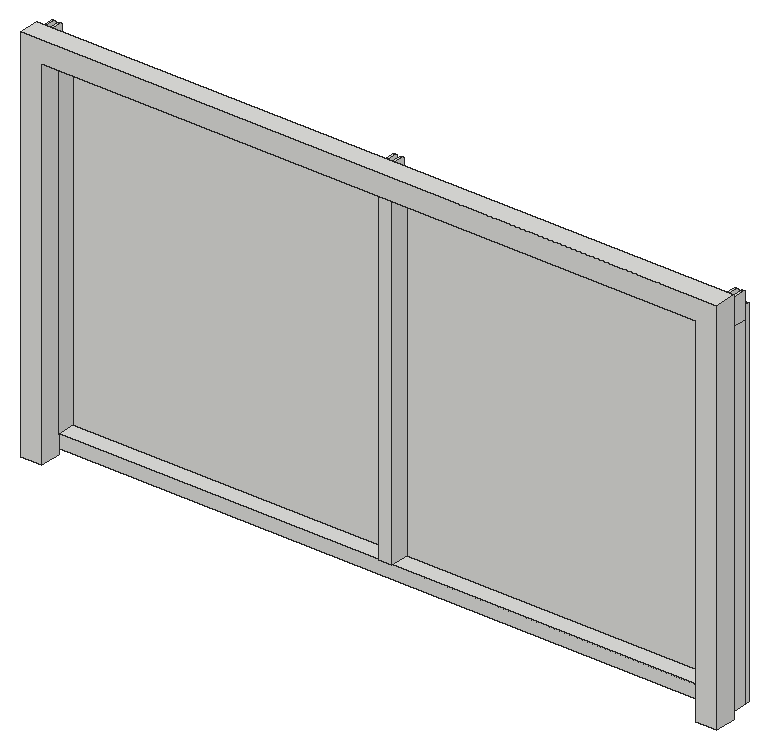
Revit family "Door-Hydraulic-PowerLift-Hidden_Cylinder-Micro", category Doors, host Wall, Revit 2026
Family settings
  Host = Wall
  Classification Number = 23.30.10.00
  Always vertical = Yes
  Cut with Voids When Loaded = No
  Shared = No
  Room Calculation Point = No
Parameters (values of type "11' x 6'")
  Vertical Rail Spacing [instance] = 3' - 6"
  URL = "https://powerliftdoors.com/"
  Type Comments = ""
  Rough Width = Width  # 11' - 0"
  Rough Opening Width [instance] = if(Outside Mount, Width - (0' 4" * 2), Width)  # 10' - 4"
  Rough Opening Height [instance] = if(Outside Mount, Height - 0' 4", Height)  # 5' - 8"
  Rough Height = Height  # 6' - 0"
  Outside Mount [instance] = not(Inside Mount)  # yes
  Model = "Hidden Cylinder - Micro"
  Metal Sheeting Thickness [instance] = 0' - 0 1/2"
  Metal Sheeting Material [instance] = Steel - PowerLift
  Manufacturer Website = ""
  Manufacturer Phone - Toll Free = "855-368-9595"
  Manufacturer Phone = "507-368-9500"
  Manufacturer Fax = "507-368-1358"
  Manufacturer Email = "https://powerliftdoors.com/contact/"
  Manufacturer Address = "1482 200th Ave., P.O. Box 311, Lake Benton, MN 56149"
  Manufacturer = "PowerLift Hydraulic Doors"
  Inside Mount [instance] = no
  Function = Exterior
  Height = 6' - 0"
  Wall Closure = By host
  Width = 11' - 0"
  Frame Offset [instance] = if(Inside Mount, 0' 11" + Metal Sheeting Thickness, 0' 0")  # 0' - 0"
  Frame Material [instance] = Steel - PowerLift
  Door Open [instance] = no
  Door Closed [instance] = not(Door Open)  # yes
  Description = "Hydraulic Door - Hidden Cylinder - Micro"
  Cylinder_VoidOffset [instance] = if(Door Open, 0' 0", 0' 3")  # 0' - 3"
Types (12): name | Rough Width | Rough Opening Width | Rough Opening Height | Rough Height | Height | Width
  11' x 4' | 11' - 0" | 10' - 4" | 3' - 8" | 4' - 0" | 4' - 0" | 11' - 0"
  11' x 5' | 11' - 0" | 10' - 4" | 4' - 8" | 5' - 0" | 5' - 0" | 11' - 0"
  11' x 6' | 11' - 0" | 10' - 4" | 5' - 8" | 6' - 0" | 6' - 0" | 11' - 0"
  12' x 4' | 12' - 0" | 11' - 4" | 3' - 8" | 4' - 0" | 4' - 0" | 12' - 0"
  12' x 5' | 12' - 0" | 11' - 4" | 4' - 8" | 5' - 0" | 5' - 0" | 12' - 0"
  12' x 6' | 12' - 0" | 11' - 4" | 5' - 8" | 6' - 0" | 6' - 0" | 12' - 0"
  13' x 4' | 13' - 0" | 12' - 4" | 3' - 8" | 4' - 0" | 4' - 0" | 13' - 0"
  13' x 5' | 13' - 0" | 12' - 4" | 4' - 8" | 5' - 0" | 5' - 0" | 13' - 0"
  14' x 4' | 14' - 0" | 13' - 4" | 3' - 8" | 4' - 0" | 4' - 0" | 14' - 0"
  14' x 5' | 14' - 0" | 13' - 4" | 4' - 8" | 5' - 0" | 5' - 0" | 14' - 0"
  15' x 4' | 15' - 0" | 14' - 4" | 3' - 8" | 4' - 0" | 4' - 0" | 15' - 0"
  16' x 4' | 16' - 0" | 15' - 4" | 3' - 8" | 4' - 0" | 4' - 0" | 16' - 0"
Reference planes (in)
  plane 1 "Center (Front/Back)": y = 0
  plane 2 "Center (Left/Right)": x = 0
  plane 3 "Left": x = -66
  plane 4 "Right": x = 66
  plane 5 "Top": z = 72
  plane 6 "Exterior": y = 12
  plane 7 "Interior": y = -12
  plane 8 "Door Frame Host": y = 12
  plane 9 "Door Panel Host": y = 16
  plane 10 "Open Door Projection": y = 88
  plane 11 "LeftCylinder": x = 63.75
  plane 12 "RightCylinder": x = -63.75
  plane 13: y = 19
  plane 14: y = 16.25
  plane 15: y = 14.5
Forms (in)
  Extrusion 1, solid, material "Steel - PowerLift" <- "Frame Material"
    sketch origin (0, 12, 0) x (0, 0, 1) y (1, 0, 0)
      loop
        line (72, 66) -> (0, 66) -> (0, 62) -> (68, 62) -> (68, -62) -> (0, -62) -> (0, -66) -> (72, -66) -> (72, 66)
    from 0 to 4
  Sweep 2, void
    path origin (0, 0, 0) x (1, 0, 0) y (0, 1, 0)
      loop
        line (0, 19) -> (0, 14.5)
    profile origin (0, 16.75, 0) x (1, 0, 0) y (0, 0, 1)
      loop
        arc (64.875, 62) -> (63.75, 63.125) -> (62.625, 62) r 1.125
        line (62.625, 62) -> (62.625, 38)
        arc (62.625, 38) -> (63.75, 36.875) -> (64.875, 38) r 1.125
        line (64.875, 38) -> (64.875, 62)
      loop
        arc (-62.625, 62) -> (-63.75, 63.125) -> (-64.875, 62) r 1.125
        line (-64.875, 62) -> (-64.875, 38)
        arc (-64.875, 38) -> (-63.75, 36.875) -> (-62.625, 38) r 1.125
        line (-62.625, 38) -> (-62.625, 62)
Cuts and joins
  Sweep 2 cuts Extrusion 1
Lines and regions (in)
  Opening 1
    outline origin (-90, -12, 0) x (1, 0, 0) y (0, 0, 1)
      loop
        line (28, 0) -> (152, 0) -> (152, 68) -> (28, 68) -> (28, 0)
  symbolic lines, style "Elevation Swing"
    curve 1: line (-66, 12, 0) -> (0, 12, 72)
    curve 2: line (0, 12, 72) -> (66, 12, 0)
    curve 3: line (-66, 12, 0) -> (-66, 88, 0)
    curve 4: line (-66, 88, 0) -> (66, 88, 0)
    curve 5: line (66, 88, 0) -> (66, 12, 0)
  reference lines
    curve 6: line (63.75, 48.84091, 68) -> (63.75, 14.5, 59.31609)
    curve 7: line (-63.75, 48.84091, 68) -> (-63.75, 14.5, 59.31609)
Text (in)
  text "Exterior" at (-74.96733, 27.31104, 0), in view "Ref. Level"
  text "Interior" at (-74.96733, -25.14366, 0), in view "Ref. Level"
  text "Exterior" at (0, 40.15149, 123.01588), in view "Right"
  text "Interior" at (0, -64.39139, 123.01588), in view "Right"
  text "Interior" at (0, -31.01599, 223.00693), in view "Left"
  text "Exterior" at (0, 54.57065, 223.00693), in view "Left"
Dimensions and locks (in)
  equal spacing: plane 3 "Left", plane 2 "Center (Left/Right)", plane 4 "Right"
  "Width": plane 3 "Left" to plane 4 "Right"
  "Frame Offset": plane 8 "Door Frame Host" to plane 6 "Exterior"
  "Height": level to plane 5 "Top"
  plane 9 "Door Panel Host" to plane 8 "Door Frame Host" = 0' - 4"
  "Height": plane 10 "Open Door Projection" to plane 9 "Door Panel Host"
  equal spacing: Opening 1 sketch curve, plane 2 "Center (Left/Right)", Opening 1 sketch curve
  "Rough Opening Width": Opening 1 sketch curve to Opening 1 sketch curve
  "Rough Opening Height": Opening 1 sketch curve to level
  locked: Extrusion 1 sketch curve to plane 4 "Right" at 4
  locked: plane 3 "Left" to Extrusion 1 sketch curve at 4
  locked: Extrusion 1 sketch curve to plane 5 "Top" at 4
  locked: plane 13 to plane 14 at 2.75
  "Cylinder_VoidOffset": plane 13 to plane 9 "Door Panel Host"
  Sweep 2 sketch curve to Sweep 2 sketch curve to plane 5 "Top" = 2' - 0" locked, 0' - 10" locked  (x2)
  plane 9 "Door Panel Host" to plane 15 = 0' - 1 1/2"
  locked: curve 7 to plane 5 "Top" at 4
  locked: curve 7 to plane 9 "Door Panel Host" at 32.84091
  locked: curve 7 to plane 5 "Top" at 12.68391
  locked: plane 9 "Door Panel Host" to curve 7 at 1.5
  locked: curve 6 to plane 5 "Top" at 4
  locked: curve 6 to plane 9 "Door Panel Host" at 32.84091
  locked: plane 9 "Door Panel Host" to curve 6 at 1.5
  locked: curve 6 to plane 5 "Top" at 12.68391
  locked: plane 11 "LeftCylinder" to plane 4 "Right" at 2.25
  locked: plane 3 "Left" to plane 12 "RightCylinder" at 2.25
  locked: plane 10 "Open Door Projection" to nested 2 at 0.5
  aligned and locked: plane 6 "Exterior" to host wall
  aligned and locked: host wall to plane 7 "Interior"
  aligned and locked: plane 2 "Center (Left/Right)" to nested 1
  aligned and locked: nested 1 to plane 9 "Door Panel Host"
  aligned and locked: plane 2 "Center (Left/Right)" to nested 2
  aligned and locked: level to curve 2
  aligned and locked: plane 4 "Right" to curve 2
  aligned and locked: plane 3 "Left" to curve 1
  aligned and locked: level to curve 1
  aligned and locked: plane 5 "Top" to curve 2
  aligned and locked: plane 2 "Center (Left/Right)" to curve 2
  aligned and locked: curve 3 to plane 3 "Left"
  aligned and locked: curve 5 to plane 4 "Right"
  aligned and locked: Opening 1 sketch curve to level
  aligned and locked: plane 3 "Left" to Extrusion 1 sketch curve
  aligned and locked: Extrusion 1 sketch curve to plane 4 "Right"
  aligned and locked: Extrusion 1 sketch curve to plane 5 "Top"
  aligned and locked: plane 8 "Door Frame Host" to Extrusion 1
  aligned and locked: plane 9 "Door Panel Host" to Extrusion 1
  aligned and locked: nested 2 to plane 5 "Top"
  aligned and locked: Sweep 2 sketch curve to plane 2 "Center (Left/Right)"
  aligned and locked: plane 13 to Sweep 2 sketch curve
  aligned and locked: plane 11 "LeftCylinder" to Sweep 2 sketch curve  (x2)
  aligned and locked: plane 12 "RightCylinder" to Sweep 2 sketch curve  (x2)
  aligned and locked: plane 11 "LeftCylinder" to nested 3
  aligned and locked: nested 4 to curve 7  (x2)
  aligned and locked: curve 7 to plane 12 "RightCylinder"
  aligned and locked: plane 12 "RightCylinder" to nested 4
  aligned and locked: nested 3 to curve 6  (x2)
  aligned and locked: curve 4 to plane 10 "Open Door Projection"
  aligned and locked: plane 15 to Sweep 2 sketch curve
Automatic sketch dimensions
  curve 5 to host wall = 0' - 0"
  curve 3 to host wall = 0' - 0"
  Extrusion 1 sketch curve to level = 0' - 0"  (x2)
  Sweep 2 sketch curve to Sweep 2 sketch curve = 0' - 1 1/8"  (x2)
Nested families (in)
  nested 1: "Door-PowerLift-Hidden_Cylinder-Micro-Front" at (0, 16, 0), visible <- "Door Closed", type "Door-PowerLift-Hidden_Cylinder-Micro-Front"
    with Width 11' - 0"
  nested 2: "Door-PowerLift-Hidden_Cylinder-Micro-Front" at (0, 88.5, 68) x (1, 0, 0) z (0, -1, 0), visible <- "Door Open", type "Door-PowerLift-Hidden_Cylinder-Micro-Front"
    with Width 11' - 0"
  nested 3: "Door-PowerLift-Cylinder" at (63.75, 14.5, 59.31609) x (-1, 0, 0) z (0, 0.9695, 0.2452), visible <- "Door Open", type "Door-PowerLift-Cylinder"
    with Axis to Axis Distance 2' - 11 27/64"
  nested 4: "Door-PowerLift-Cylinder" at (-63.75, 14.5, 59.31609) x (-1, 0, 0) z (0, 0.9695, 0.2452), visible <- "Door Open", type "Door-PowerLift-Cylinder"
    with Axis to Axis Distance 2' - 11 27/64"
Definition of nested family "Door-PowerLift-Hidden_Cylinder-Micro-Front"
  Parameters (values of type "Door-PowerLift-Hidden_Cylinder-Micro-Front")
    Width = 12' - 0"
    Metal Sheeting Thickness = 0' - 0 1/2"
    Metal Sheeting Material = none
    Frame Material = none
    Height = 6' - 0"
    Default Elevation = 0' - 0"
  Reference planes (in)
    plane 1 "Center (Front/Back)": y = 0
    plane 2: z = 0
    plane 3 "Center (Left/Right)": x = 0
    plane 4 "Left": x = -72
    plane 5 "Right": x = 72
    plane 6 "Top": z = 72
    plane 7: y = 3.5
    plane 8: y = 4
    plane 9: z = 68.75
    plane 10: z = 66.25
  Forms (in)
    Extrusion 1, solid, material <- "Frame Material"
      sketch origin (0, 0, 0) x (1, 0, 0) y (0, 0, 1)
        loop
          line (-71.125, 68.75) -> (-71.125, 66.25) -> (-71.5, 66.25) -> (-71.5, 1) -> (71.5, 1) -> (71.5, 66.25) -> (71.125, 66.25) -> (71.125, 68.75) -> (-71.125, 68.75)
        loop
          line (68, 66.25) -> (-68, 66.25) -> (-68, 3.5) -> (68, 3.5) -> (68, 66.25)
      from -3.5 to 0
    Extrusion 2, solid, material <- "Metal Sheeting Material"
      sketch origin (0, 0, 0) x (1, 0, 0) y (0, 1, 0)
        loop
          line (-71.5, 4) -> (-71.5, 3.5) -> (71.5, 3.5) -> (71.5, 4) -> (-71.5, 4)
      from 1 to 68.75
    Extrusion 3, solid, material <- "Frame Material", detail levels medium+fine
      sketch origin (72, 0, 0) x (0, -1, 0) y (0, 0, -1)
        loop
          line (-3.25, -66.25) -> (-3.25, -70.75)
          arc (-3.25, -70.75) -> (-3.10355, -71.10355) -> (-2.75, -71.25) r 0.5
          line (-2.75, -71.25) -> (-0.75, -71.25)
          arc (-0.75, -71.25) -> (-0.39645, -71.10355) -> (-0.25, -70.75) r 0.5
          line (-0.25, -70.75) -> (-0.25, -66.25) -> (-3.25, -66.25)
      from -0.5 to -4.25
    Extrusion 4, void
      sketch origin (0, 0, 0) x (1, 0, 0) y (0, 0, 1)
        loop
          line (69.875, 69.125) -> (69.875, 71.4375) -> (67.75, 71.4375) -> (67.75, 69.125) -> (69.875, 69.125)
        loop
          line (70.25, 71.4375) -> (70.25, 68.75) -> (67.75, 68.75) -> (67.75, 66) -> (71.125, 66) -> (71.125, 71.4375) -> (70.25, 71.4375)
      from 0 to -5
    Extrusion 5, solid, material <- "Frame Material", detail levels medium+fine
      sketch origin (-108, 0, 0) x (0, -1, 0) y (0, 0, 1)
        loop
          line (-3.25, 66.25) -> (-0.25, 66.25) -> (-0.25, 70.75)
          arc (-0.25, 70.75) -> (-0.39645, 71.10355) -> (-0.75, 71.25) r 0.5
          line (-0.75, 71.25) -> (-2.75, 71.25)
          arc (-2.75, 71.25) -> (-3.10355, 71.10355) -> (-3.25, 70.75) r 0.5
          line (-3.25, 70.75) -> (-3.25, 66.25)
      from -36.5 to -40.25
    Extrusion 6, void
      sketch origin (0, 0, 0) x (-1, 0, 0) y (0, 0, -1)
        loop
          line (69.875, -69.125) -> (67.75, -69.125) -> (67.75, -71.5) -> (69.875, -71.5) -> (69.875, -69.125)
        loop
          line (70.25, -71.5) -> (71.125, -71.5) -> (71.125, -66) -> (67.75, -66) -> (67.75, -68.75) -> (70.25, -68.75) -> (70.25, -71.5)
      from 0 to -5
  Cuts and joins
    Extrusion 4, Extrusion 6 cuts Extrusion 3
    Extrusion 6 cuts Extrusion 5
  Dimensions and locks (in)
    equal spacing: plane 4 "Left", plane 3 "Center (Left/Right)", plane 5 "Right"
    "Width": plane 4 "Left" to plane 5 "Right"
    "Height": plane 2 to plane 6 "Top"
    plane 5 "Right" to Extrusion 1 sketch curve to Extrusion 1 sketch curve = 0' - 0 1/2" locked, 0' - 3 1/2" locked
    plane 4 "Left" to Extrusion 1 sketch curve to Extrusion 1 sketch curve = 0' - 0 1/2" locked, 0' - 3 1/2" locked
    Extrusion 1 sketch curve to Extrusion 1 sketch curve to Extrusion 1 sketch curve to plane 6 "Top" = 0' - 0" locked, 0' - 2 1/2" locked, 0' - 3 1/4" locked
    plane 1 "Center (Front/Back)" to plane 7 = 0' - 3 1/2"
    "Metal Sheeting Thickness": plane 8 to plane 7
    locked: Extrusion 2 to plane 2 at 1
    locked: plane 6 "Top" to Extrusion 2 at 3.25
    locked: Extrusion 2 sketch curve to plane 5 "Right" at 0.5
    locked: plane 4 "Left" to Extrusion 2 sketch curve at 0.5
    plane 5 "Right" to Extrusion 3 to Extrusion 3 = 0' - 0 1/2", 0' - 3 3/4"
    locked: plane 4 "Left" to Extrusion 1 sketch curve at 0.875
    locked: plane 5 "Right" to Extrusion 1 sketch curve at 0.875
    locked: plane 6 "Top" to Extrusion 1 sketch curve at 5.75
    plane 5 "Right" to Extrusion 4 sketch curve to Extrusion 4 sketch curve to Extrusion 4 sketch curve to Extrusion 4 sketch curve to Extrusion 4 sketch curve = 0' - 0 7/8" locked, 0' - 0 7/8" locked, 0' - 0 3/8" locked, 0' - 2 1/8" locked, 0' - 0" locked
    plane 6 "Top" to Extrusion 4 sketch curve to Extrusion 4 sketch curve to Extrusion 4 sketch curve to Extrusion 4 sketch curve to Extrusion 4 sketch curve = 0' - 0 9/16" locked, 0' - 0" locked, 0' - 2 5/16" locked, 0' - 0 3/8" locked, 0' - 2 3/4" locked
    plane 5 "Right" to cut or joined group of Extrusion 3, Extrusion 4, Extrusion 6 to cut or joined group of Extrusion 3, Extrusion 4, Extrusion 6 = 0' - 0 1/2" locked, 0' - 3 3/4" locked
    plane 4 "Left" to Extrusion 6 sketch curve to Extrusion 6 sketch curve to Extrusion 6 sketch curve to Extrusion 6 sketch curve to Extrusion 6 sketch curve = 0' - 0 7/8" locked, 0' - 0 7/8" locked, 0' - 0 3/8" locked, 0' - 2 1/8" locked, 0' - 0" locked
    plane 6 "Top" to Extrusion 6 sketch curve to Extrusion 6 sketch curve to Extrusion 6 sketch curve to Extrusion 6 sketch curve to Extrusion 6 sketch curve = 0' - 0 1/2", 0' - 0" locked, 0' - 2 3/8" locked, 0' - 0 3/8" locked, 0' - 2 3/4" locked
    plane 4 "Left" to cut or joined group of Extrusion 5, Extrusion 6 to cut or joined group of Extrusion 5, Extrusion 6 = 0' - 0 1/2" locked, 0' - 3 3/4" locked
    plane 6 "Top" to Extrusion 3 sketch curve to Extrusion 3 sketch curve = 0' - 0 3/4" locked, 0' - 5"
    Extrusion 1 sketch curve to Extrusion 1 sketch curve to plane 2 = 0' - 2 1/2" locked, 0' - 1" locked
    plane 6 "Top" to Extrusion 5 sketch curve to Extrusion 5 sketch curve = 0' - 0 3/4" locked, 0' - 5" locked
    Extrusion 1 to level = 0' - 3 1/2"
    aligned and locked: plane 2 to level
    aligned and locked: Extrusion 2 sketch curve to plane 8
    aligned and locked: plane 7 to Extrusion 2 sketch curve
    aligned and locked: plane 3 "Center (Left/Right)" to nested 1
    aligned and locked: nested 1 to plane 7
    aligned and locked: plane 7 to Extrusion 1
  Automatic sketch dimensions
    plane 7 to Extrusion 3 sketch curve = 0' - 0 1/4"
    Extrusion 5 sketch curve to plane 7 = 0' - 0 1/4"
    Extrusion 5 sketch curve to plane 1 "Center (Front/Back)" = 0' - 0 1/4"
    plane 7 to Extrusion 3 sketch curve = 0' - 0 3/4"
    Extrusion 3 sketch curve to Extrusion 3 sketch curve = 0' - 0 1/2"
    plane 1 "Center (Front/Back)" to Extrusion 3 sketch curve = 0' - 0 1/4"
    Extrusion 5 sketch curve to Extrusion 5 sketch curve = 0' - 0 1/2"  (x2)
  Nested families (in)
    nested 1: "Door-PowerLift-Vertical_Rail" at (0, 3.5, 0), type "Vertical Rail"
  Definition of nested family "Door-PowerLift-Vertical_Rail"
    Parameters (values of type "Vertical Rail")
      Height = 6' - 0"
      Frame Material = none
      Default Elevation = 0' - 0"
    Reference planes (in)
      plane 1 "Center (Front/Back)": y = 0
      plane 2: z = 0
      plane 3 "Center (Left/Right)": x = 0
      plane 4: z = 72
    Forms (in)
      Extrusion 1, solid, material <- "Frame Material"
        sketch origin (0, 0, 0) x (1, 0, 0) y (0, 1, 0)
          loop
            line (-1.25, 0) -> (-1.25, -3.5) -> (1.25, -3.5) -> (1.25, 0) -> (-1.25, 0)
        from 3.5 to 66.25
      Extrusion 2, solid, material <- "Frame Material", detail levels medium+fine
        sketch origin (0, 0, 0) x (0, 1, 0) y (0, 0, 1)
          loop
            line (-0.25, 68.75) -> (-0.25, 70.75)
            arc (-0.25, 70.75) -> (-0.39645, 71.10355) -> (-0.75, 71.25) r 0.5
            line (-0.75, 71.25) -> (-2.875, 71.25)
            arc (-2.875, 71.25) -> (-3.22855, 71.10355) -> (-3.375, 70.75) r 0.5
            line (-3.375, 70.75) -> (-3.375, 68.75) -> (-0.25, 68.75)
        from -2.9375 to 2.9375
      Extrusion 3, void
        sketch origin (0, 0, 0) x (1, 0, 0) y (0, 0, 1)
          loop
            line (-2.9375, 69.125) -> (-0.8125, 69.125) -> (-0.8125, 71.25) -> (-2.9375, 71.25) -> (-2.9375, 69.125)
          loop
            line (-0.4375, 68.75) -> (0.4375, 68.75) -> (0.4375, 71.25) -> (-0.4375, 71.25) -> (-0.4375, 68.75)
          loop
            line (0.8125, 71.25) -> (0.8125, 69.125) -> (2.9375, 69.125) -> (2.9375, 71.25) -> (0.8125, 71.25)
        from 0 to 5
    Cuts and joins
      Extrusion 3 cuts Extrusion 2
    Dimensions and locks (in)
      "Height": plane 4 to plane 2
      plane 4 to Extrusion 3 sketch curve to Extrusion 3 sketch curve = 0' - 0 3/4" locked, 0' - 2 1/8" locked
      plane 4 to Extrusion 3 sketch curve to Extrusion 3 sketch curve to Extrusion 3 sketch curve = 0' - 0 3/4" locked, 0' - 2 1/8" locked, 0' - 0 3/8" locked
      locked: Extrusion 1 to plane 2 at 3.5
      locked: plane 4 to Extrusion 1 at 5.75
      plane 4 to Extrusion 2 sketch curve to Extrusion 2 sketch curve = 0' - 0 3/4" locked, 0' - 2 1/2" locked
      aligned and locked: plane 2 to level
    Automatic sketch dimensions
      plane 1 "Center (Front/Back)" to Extrusion 1 sketch curve = 0' - 0"
      Extrusion 1 sketch curve to plane 3 "Center (Left/Right)" = 0' - 1 1/4"
      plane 3 "Center (Left/Right)" to Extrusion 1 sketch curve = 0' - 1 1/4"
      plane 1 "Center (Front/Back)" to Extrusion 2 sketch curve = 0' - 0 1/4"
      Extrusion 1 sketch curve to Extrusion 1 sketch curve = 0' - 3 1/2"
      Extrusion 3 sketch curve to plane 3 "Center (Left/Right)" = 0' - 2 15/16"
      Extrusion 3 sketch curve to plane 3 "Center (Left/Right)" = 0' - 0 13/16"
      Extrusion 3 sketch curve to plane 3 "Center (Left/Right)" = 0' - 0 7/16"
      plane 3 "Center (Left/Right)" to Extrusion 3 sketch curve = 0' - 0 7/16"
      Extrusion 3 sketch curve to Extrusion 3 sketch curve = 0' - 0 3/8"
      Extrusion 3 sketch curve to Extrusion 3 sketch curve = 0' - 2 1/8"
      plane 1 "Center (Front/Back)" to Extrusion 2 sketch curve = 0' - 0 3/4"
      Extrusion 2 sketch curve to Extrusion 2 sketch curve = 0' - 3 1/8"
      Extrusion 2 sketch curve to Extrusion 2 sketch curve = 0' - 0 1/2"
      Extrusion 3 sketch curve to Extrusion 3 sketch curve = 0' - 0"
Definition of nested family "Door-PowerLift-Cylinder"
  Parameters (values of type "Door-PowerLift-Cylinder")
    Height = 6' - 0"
    Default Elevation = 4' - 0"
    Axis to Axis Distance [instance] = 6' - 7 5/8"
  Reference planes (in)
    plane 1 "Center (Front/Back)": y = 0
    plane 2: z = 0
    plane 3 "Center (Left/Right)": x = 0
    plane 4: z = 79.625
    plane 5: z = 76.5
    plane 6: z = 74.5
    plane 7: z = 88.5
    plane 8: z = 4.5
  Forms (in)
    Revolve 1, solid
      sketch origin (0, 0, 0) x (0, 1, 0) y (0, 0, 1)
        loop
          line (-0.375, 24.15625) -> (-0.9375, 24.15625) -> (-0.9375, -0.25) -> (0, -0.25) -> (0, 80.525) -> (-0.375, 80.525) -> (-0.375, 24.15625)
        axis (0, -0.25) -> (0, 80.525)
      angle from 0 to 360
    Revolve 2, void
      sketch origin (0, 0, 0) x (1, 0, 0) y (0, 0, 1)
        loop
          line (0, 88.5) -> (-4, 88.5) -> (-4, 74.5) -> (0, 74.5) -> (0, 88.5)
        axis (0, 88.5) -> (0, 74.5)
      angle from 0 to 360
  Cuts and joins
    Revolve 2 cuts Revolve 1
  Dimensions and locks (in)
    "Axis to Axis Distance": plane 4 to plane 2
    Revolve 1 sketch curve to plane 2 = 2' - 0 5/32"
    locked: Revolve 1 sketch curve to plane 4 at 0.9
    locked: plane 2 to Revolve 1 sketch curve at 0.25
    locked: plane 3 "Center (Left/Right)" to Revolve 2 sketch curve at 4
    "Height": plane 5 to plane 8
    plane 7 to plane 5 to plane 6 = 1' - 0" locked, 0' - 2" locked
    locked: plane 8 to plane 2 at 4.5
    Revolve 1 sketch curve to plane 1 "Center (Front/Back)" = 0' - 0 3/8"
    aligned and locked: plane 2 to level
    aligned and locked: Revolve 2 sketch curve to plane 3 "Center (Left/Right)"  (x2)
    aligned and locked: plane 7 to Revolve 2 sketch curve
    aligned and locked: plane 6 to Revolve 2 sketch curve
    aligned and locked: Revolve 2 sketch curve to plane 6
    aligned and locked: Revolve 2 sketch curve to plane 7
  Automatic sketch dimensions
    Revolve 1 sketch curve to plane 1 "Center (Front/Back)" = 0' - 0"  (x2)
    Revolve 1 sketch curve to Revolve 1 sketch curve = 0' - 0"
    Revolve 1 sketch curve to Revolve 1 sketch curve = 0' - 3 1/4"
    Revolve 2 sketch curve to level = 2' - 0"
    plane 7 to Revolve 2 sketch curve = 1' - 4.71882"
    Revolve 1 sketch curve to Revolve 1 sketch curve = 0' - 0 9/16"
